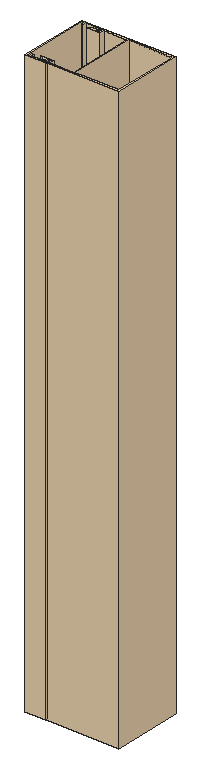
Revit family "Click Beam", category Generic Models, Revit 2017
Family settings
  Can host rebar = No
  Round Connector Dimension = Use Diameter
  Part Type = Normal
  Work Plane-Based = No
  Always vertical = Yes
  Cut with Voids When Loaded = No
  Shared = No
  Room Calculation Point = No
Parameters (values of type "60X80")
  Width = 60 mm
  Model = "Click Beam"
  Length = 80 mm
  Height = 500 mm
  Finish = Pine, Scots
  Bottom Offset = 200 mm
Types (9, lengths in mm): name | Width | Length
  (no name) | 60 | 80
  40X120 | 40 | 120
  60X80 | 60 | 80
  40X150 | 40 | 150
  40X200 | 40 | 200
  60X120 | 60 | 120
  40X80 | 40 | 80
  60X150 | 60 | 150
  60X200 | 60 | 200
Reference planes
  plane 1 "Center (Front/Back)": y = 0
  plane 2: z = 0
  plane 3 "Center (Left/Right)": x = 0
  plane 4: z = 700
  plane 5: z = 200
  plane 6: x = 40
  plane 7: x = 80
Forms (mm)
  Extrusion 1, solid, material "Pine, Scots" <- "Finish"
    sketch origin (-139.955, -181.044, 0) x (1, 0, 0) y (0, 1, 0)
      loop
        line (157.955, 181.044) -> (157.955, 185.016) -> (156.655, 185.016) -> (156.655, 182.344) -> (144.355, 182.344) -> (144.355, 184.844) -> (143.055, 184.844) -> (143.055, 182.344) -> (141.255, 182.344) -> (141.255, 239.744) -> (143.055, 239.744) -> (143.055, 237.244) -> (144.355, 237.244) -> (144.355, 239.744) -> (156.655, 239.744) -> (156.655, 237.144) -> (157.955, 237.144) -> (157.955, 241.044) -> (139.955, 241.044) -> (139.955, 181.044) -> (157.955, 181.044)
    from 200 to 700
  Extrusion 2, solid, material "Pine, Scots" <- "Finish"
    sketch origin (-169.939, -179.958, 0) x (1, 0, 0) y (0, 1, 0)
      loop
        arc (186.289, 237.094) -> (182.353, 236.44) -> (179.013, 234.258) r 9.701
        line (179.013, 234.258) -> (189.939, 234.258) -> (189.939, 238.558) -> (209.939, 238.558) -> (209.939, 181.508) -> (189.939, 181.508) -> (189.939, 185.807) -> (179.013, 185.807)
        arc (179.013, 185.807) -> (182.353, 183.625) -> (186.289, 182.971) r 9.701
        line (186.289, 182.971) -> (186.289, 184.157) -> (187.939, 184.157) -> (187.939, 180.108) -> (249.939, 180.108) -> (249.939, 239.958) -> (187.939, 239.958) -> (187.939, 235.908) -> (186.289, 235.908) -> (186.289, 237.094)
      loop
        line (211.339, 181.508) -> (248.539, 181.508) -> (248.539, 238.558) -> (211.339, 238.558) -> (211.339, 181.508)
    from 200 to 700
Dimensions and locks
  "Height": plane 4 to plane 5
  "Bottom Offset": plane 5 to level
  "Width": Extrusion 2 sketch curve to plane 1 "Center (Front/Back)"
  "Width": plane 1 "Center (Front/Back)" to Extrusion 1 sketch curve
  locked: Extrusion 2 sketch curve to Extrusion 2 sketch curve at 1.4
  locked: Extrusion 2 sketch curve to plane 7 at 1.4
  equal spacing: plane 3 "Center (Left/Right)", plane 6, plane 7
  "Length": plane 3 "Center (Left/Right)" to plane 7
  aligned and locked: level to plane 2
  aligned and locked: Extrusion 1 to plane 4
  aligned and locked: plane 5 to Extrusion 1
  aligned and locked: Extrusion 2 sketch curve to plane 7
  aligned and locked: Extrusion 2 sketch curve to plane 6
  aligned and locked: plane 4 to Extrusion 2
  aligned and locked: Extrusion 1 to Extrusion 2
Automatic sketch dimensions
  plane 1 "Center (Front/Back)" to Extrusion 1 sketch curve = 0 mm
  Extrusion 1 sketch curve to plane 3 "Center (Left/Right)" = 0 mm
  plane 3 "Center (Left/Right)" to Extrusion 1 sketch curve = 1.3 mm
  Extrusion 1 sketch curve to Extrusion 1 sketch curve = 1.8 mm  (x2)
  Extrusion 1 sketch curve to Extrusion 1 sketch curve = 1.3 mm  (x4)
  Extrusion 1 sketch curve to Extrusion 1 sketch curve = 12.3 mm  (x2)
  Extrusion 1 sketch curve to plane 1 "Center (Front/Back)" = 1.3 mm  (x2)
  Extrusion 1 sketch curve to Extrusion 1 sketch curve = 2.5 mm  (x2)
  Extrusion 1 sketch curve to Extrusion 1 sketch curve = 2.672 mm
  Extrusion 1 sketch curve to Extrusion 1 sketch curve = 3.9 mm
  Extrusion 1 sketch curve to Extrusion 1 sketch curve = 3.8 mm
  Extrusion 1 sketch curve to Extrusion 1 sketch curve = 0 mm
  Extrusion 2 sketch curve to plane 1 "Center (Front/Back)" = 5.85 mm
  plane 3 "Center (Left/Right)" to Extrusion 2 sketch curve = 20 mm  (x2)
  Extrusion 2 sketch curve to Extrusion 2 sketch curve = 2 mm  (x2)
  Extrusion 2 sketch curve to plane 1 "Center (Front/Back)" = 0.15 mm
  Extrusion 2 sketch curve to Extrusion 2 sketch curve = 1.65 mm  (x2)
  Extrusion 2 sketch curve to Extrusion 2 sketch curve = 4.063 mm  (x2)
  Extrusion 2 sketch curve to Extrusion 2 sketch curve = 7.276 mm  (x2)
  Extrusion 2 sketch curve to plane 1 "Center (Front/Back)" = 1.55 mm
  Extrusion 2 sketch curve to Extrusion 2 sketch curve = 0 mm
  Extrusion 2 sketch curve to plane 1 "Center (Front/Back)" = 3.013 mm
  Extrusion 2 sketch curve to Extrusion 2 sketch curve = 1.187 mm  (x2)
  Extrusion 2 sketch curve to Extrusion 2 sketch curve = 12.555 mm
  Extrusion 2 sketch curve to Extrusion 2 sketch curve = 6.855 mm
  Extrusion 2 sketch curve to Extrusion 2 sketch curve = 1.4 mm  (x2)
